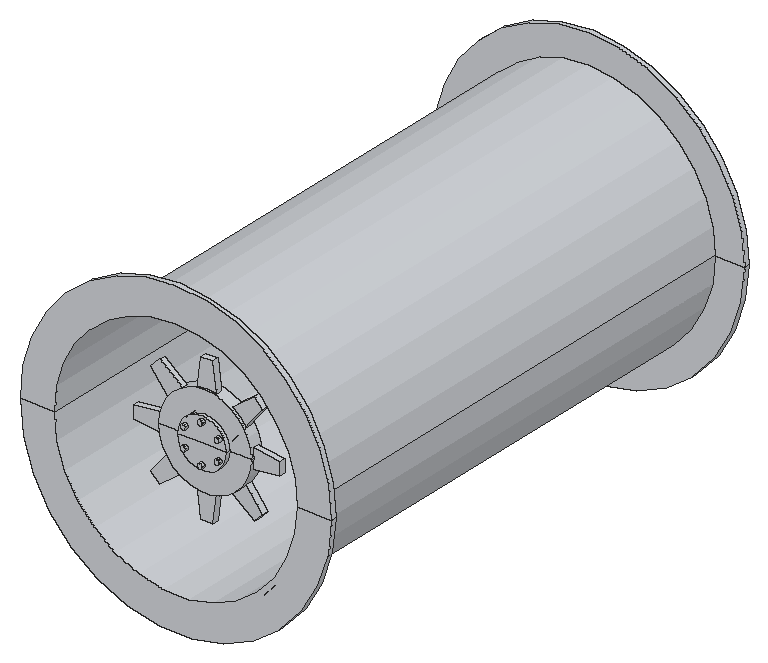
Revit family "CADS_Vent-Axia_MechEquip_Fan_BIFA_250_1Ph4P - EXTRACT", category Mechanical Equipment, Revit 2020
Family settings
  Round Connector Dimension = Use Diameter
  Part Type = Normal
  OmniClass Number = 23.75.00.00
  OmniClass Title = Climate Control (HVAC)
  Work Plane-Based = No
  Always vertical = Yes
  Cut with Voids When Loaded = No
  Shared = No
  Room Calculation Point = No
Parameters (values of type "BIFA251440")
  WorkingPressure = 0.0 Pa
  WarrantyStartDate [instance] = "1900-12-31T23:59:59"
  WarrantyPeriod = ""
  WarrantyIdentifier = "N/A"
  WarrantyGuarantorParts = "tech@vent-axia.com"
  WarrantyGuarantorLabor = "tech@vent-axia.com"
  WarrantyGuarantor = "Vent-Axia Limited"
  WarrantyEndDate [instance] = "1900-12-31T23:59:59"
  WarrantyContent = ""
  TemperatureRange = ""
  TagNumber [instance] = "N/A"
  SustainabilityPerformance = ""
  Status = "New"
  Size = ""
  Shape = ""
  ServiceLifeType = ""
  ServiceLifeDuration = ""
  SerialNumber [instance] = "N/A"
  ReplacementCost = ""
  RatedVoltage = 0 V
  RatedCurrent = 0 A
  Quantity = 1
  ProductionYear = ""
  PressureCurve = ""
  PowerFactor = ""
  PointOfContact = ""
  NumberOfPoles = 0
  NominalWidth = 250 mm
  NominalLength = 535 mm
  NominalHeight = 250 mm
  NominalFrequencyRange = ""
  NominalDiameter = 250 mm
  ModelReference = "BIF 250MM 1PH 4P 40DEG"
  ModelNumber = "BIFA251440"
  Material = ""
  ManufacturerE-Mail = "tech@vent-axia.com"
  ManufacturerAddress = "Fleming Way\nCrawley \nRH10 9YX"
  IsExtendedWarranty = no
  InsulationStandardClass = ""
  InstallationDate [instance] = "1900-12-31T23:59:59"
  IfcExportType [instance] = ""
  IfcExportAs = "IfcFanType"
  IP_Code = ""
  HasProtectiveEarth = no
  GrossWeight = 0.00 kg
  Grade = ""
  GlobalTradeItemNumber [instance] = "N/A"
  Fitting Type = "Ignore"
  Finish = ""
  Features = ""
  ExteriorInsulation = no
  ExpectedServiceLife = 0
  Exclusions = ""
  DurationUnit = "Year"
  Default Elevation = 0 mm
  Constituents = ""
  ConductorFunction = ""
  Color = ""
  CodePerformance = ""
  Category = ""
  CADS_Usage = 0
  CADS_Index = 0
  AssetType = "FIXED"
  AssetIdentifier [instance] = "N/A"
  AssemblyPlace = "UNKNOWN"
  ArticleNumber [instance] = "N/A"
  AirflowRateRange = 0.0 L/s
  Air Flow [instance] = 0.0 L/s
  AccessibilityPerformance = ""
Types (4, lengths in mm): name | ModelReference | ModelNumber
  BIFA251425 | "BIF 250MM 1PH 4P 25DEG" | "BIFA251425"
  BIFA251430 | "BIF 250MM 1PH 4P 30DEG" | "BIFA251430"
  BIFA251435 | "BIF 250MM 1PH 4P 35DEG" | "BIFA251435"
  BIFA251440 | "BIF 250MM 1PH 4P 40DEG" | "BIFA251440"
Reference planes
  plane 1 "Center (Front/Back)": y = 0
  plane 2: z = 0
  plane 3 "Center (Left/Right)": x = 0
  plane 4: x = -125
  plane 5: x = 125
  plane 6 "F": y = -267.5
  plane 7 "B": y = 267.5
  plane 8: x = -160
  plane 9: y = 262.5
  plane 10: y = -262.5
  plane 11: x = -130
  plane 12: y = -227.5
Forms (mm)
  Revolve 1, solid
    sketch origin (0, 0, 0) x (1, 0, 0) y (0, 1, 0)
      loop
        line (-160, -267.5) -> (-125, -267.5) -> (-125, 267.5) -> (-160, 267.5) -> (-160, 262.5) -> (-130, 262.5) -> (-130, -262.5) -> (-160, -262.5) -> (-160, -267.5)
      axis (0, 267.5) -> (0, -267.5)
    angle from 0 to 360
Dimensions and locks
  equal spacing: plane 4, plane 3 "Center (Left/Right)", plane 5
  equal spacing: plane 7 "B", plane 1 "Center (Front/Back)", plane 6 "F"
  "NominalLength": plane 7 "B" to plane 6 "F"
  "NominalDiameter": plane 4 to plane 5
  locked: plane 11 to plane 4 at 5
  locked: plane 8 to plane 11 at 30
  locked: plane 6 "F" to plane 10 at 5
  locked: plane 7 "B" to plane 9 at 5
  locked: plane 6 "F" to plane 12 at 40
  aligned and locked: level to plane 2
  aligned and locked: nested 1 to plane 12
Automatic sketch dimensions
  plane 6 "F" to Revolve 1 sketch curve = 0 mm
  Revolve 1 sketch curve to plane 8 = 0 mm  (x2)
  plane 10 to Revolve 1 sketch curve = 0 mm
  Revolve 1 sketch curve to plane 11 = 0 mm
  Revolve 1 sketch curve to plane 4 = 0 mm
  Revolve 1 sketch curve to plane 3 "Center (Left/Right)" = 0 mm
  plane 1 "Center (Front/Back)" to Revolve 1 sketch curve = 0 mm
  Revolve 1 sketch curve to plane 9 = 0 mm
  Revolve 1 sketch curve to plane 7 "B" = 0 mm
  plane 6 "F" to Revolve 1 sketch curve = 115 mm
Nested families
  nested 1: "Fan for BIFA" at (0, -227.5, 0), ND <- "NominalDiameter", type "Fan for BIFA"
    with hub 25 mm, ND 250 mm, BoltPCD 20 mm, Bolt Count 6, B_Diam 5 mm
  nested 2: "Bolts" at (17.321, -236.672, -10) x (-0.5, 0, -0.866) z (0, 1, 0), type "Bolts"
    with bd 5 mm
  nested 3: "Bolts" at (0, -236.672, -20) x (-1, 0, 0) z (0, 1, 0), type "Bolts"
    with bd 5 mm
  nested 4: "Bolts" at (-17.321, -236.672, -10) x (-0.5, 0, 0.866) z (0, 1, 0), type "Bolts"
    with bd 5 mm
  nested 5: "Bolts" at (-17.321, -236.672, 10) x (0.5, 0, 0.866) z (0, 1, 0), type "Bolts"
    with bd 5 mm
  nested 6: "Bolts" at (17.321, -236.672, 10) x (0.5, 0, -0.866) z (0, 1, 0), type "Bolts"
    with bd 5 mm
  nested 7: "Bolts" at (0, -236.672, 20) x (1, 0, 0) z (0, 1, 0), type "Bolts"
    with bd 5 mm
  nested 8: "BIFA Blade" at (0, -227.5, 12.5), type "BIFA Blade"
    with a 20.00°, HR 12.5 mm, HD 25 mm, BT 12.5 mm, BR 50 mm, BH 40 mm, BD 125 mm, BB 25 mm
  nested 9: "BIFA Blade" at (8.839, -227.5, 8.839) x (0.7071, 0, -0.7071) z (0.7071, 0, 0.7071), type "BIFA Blade"
    with a 20.00°, HR 12.5 mm, HD 25 mm, BT 12.5 mm, BR 50 mm, BH 40 mm, BD 125 mm, BB 25 mm
  nested 10: "BIFA Blade" at (12.5, -227.5, 0) x (0, 0, -1) z (1, 0, 0), type "BIFA Blade"
    with a 20.00°, HR 12.5 mm, HD 25 mm, BT 12.5 mm, BR 50 mm, BH 40 mm, BD 125 mm, BB 25 mm
  nested 11: "BIFA Blade" at (8.839, -227.5, -8.839) x (-0.7071, 0, -0.7071) z (0.7071, 0, -0.7071), type "BIFA Blade"
    with a 20.00°, HR 12.5 mm, HD 25 mm, BT 12.5 mm, BR 50 mm, BH 40 mm, BD 125 mm, BB 25 mm
  nested 12: "BIFA Blade" at (0, -227.5, -12.5) x (-1, 0, 0) z (0, 0, -1), type "BIFA Blade"
    with a 20.00°, HR 12.5 mm, HD 25 mm, BT 12.5 mm, BR 50 mm, BH 40 mm, BD 125 mm, BB 25 mm
  nested 13: "BIFA Blade" at (-8.839, -227.5, 8.839) x (-0.7071, 0, -0.7071) z (-0.7071, 0, 0.7071), type "BIFA Blade"
    with a 20.00°, HR 12.5 mm, HD 25 mm, BT 12.5 mm, BR 50 mm, BH 40 mm, BD 125 mm, BB 25 mm
  nested 14: "BIFA Blade" at (-12.5, -227.5, 0) x (0, 0, -1) z (-1, 0, 0), type "BIFA Blade"
    with a 20.00°, HR 12.5 mm, HD 25 mm, BT 12.5 mm, BR 50 mm, BH 40 mm, BD 125 mm, BB 25 mm
  nested 15: "BIFA Blade" at (-8.839, -227.5, -8.839) x (0.7071, 0, -0.7071) z (-0.7071, 0, -0.7071), type "BIFA Blade"
    with a 20.00°, HR 12.5 mm, HD 25 mm, BT 12.5 mm, BR 50 mm, BH 40 mm, BD 125 mm, BB 25 mm
Connectors
  hvac at (0, -267.5, 0), driven by "NominalDiameter", driven by "Air Flow"
    settings: on Revolve 1, index 1, duct flow 0.0 L/s, flow factor 0, pres drop 0.0 Pa, loss coef 0, conn angle 0.00°, conn width 304.8 mm, conn height 304.8 mm, conn diameter 250 mm, duct sys type 2, conn prof type 0, flow config 0, flow direction 1, loss method 0, conn ref index -1, conn util no, is conn primary yes, conn desc ""
  hvac at (0, 267.5, 0), driven by "NominalDiameter", driven by "Air Flow"
    settings: on Revolve 1, index 2, duct flow 0.0 L/s, flow factor 0, pres drop 0.0 Pa, loss coef 0, conn angle 0.00°, conn width 304.8 mm, conn height 304.8 mm, conn diameter 250 mm, duct sys type 3, conn prof type 0, flow config 1, flow direction 2, loss method 0, conn ref index -1, conn util no, is conn primary no, conn desc ""
Definition of nested family "Fan for BIFA"
  Parameters (values of type "Fan for BIFA")
    hub [instance] = ND / 10  # 50 mm
    ND [instance] = 500 mm
    Model = "."
    Default Elevation = 0 mm
    BoltPCD [instance] = hub - (hub * 0.2)  # 40 mm
    Bolt Count [instance] = if(hub < 50 mm, 6, 8)  # 8
    B_Diam [instance] = if(hub < 50 mm, 5 mm, 10 mm)  # 10 mm
  Reference planes
    plane 1 "Center (Front/Back)": y = 0
    plane 2: z = 0
    plane 3 "Center (Left/Right)": x = 0
    plane 4 "back": y = 20
    plane 5 "bolts": y = -9.172
    plane 6 "B": z = 50
    plane 7: x = -72.587
    plane 8: x = -50
    plane 9 "hubface": y = -6.172
  Forms (mm)
    Revolve 1, solid
      sketch origin (0, 0, 0) x (1, 0, 0) y (0, 1, 0)
        loop
          line (0, 20) -> (-50, 20) -> (-50, 10.504) -> (-72.587, 10.504) -> (-72.587, -2.597) -> (-50, -2.597) -> (-50, -6.172) -> (0, -6.172) -> (0, 20)
        axis (0, 20) -> (0, -6.172)
      angle from 0 to 360
    Extrusion 2, solid, not visible
      sketch origin (0, -6.347, -4) x (-1, 0, 0) y (0, 0, 1)
        loop
          circle (0, 84) r 5
      from 0 to 3
  Lines and regions (mm)
    symbolic lines
      curve 1: circle (0, -9.172, 0) r 40 normal (0, 1, 0)
    model lines, not visible
      curve 2: line (0, -6.347, 85) -> (0, -6.347, 75)
  Dimensions and locks
    "hub": plane 6 "B" to plane 2
    "hub": nested 3 to plane 3 "Center (Left/Right)"
    "hub": nested 4 to plane 3 "Center (Left/Right)"
    "hub": nested 5 to plane 3 "Center (Left/Right)"
    "hub": plane 3 "Center (Left/Right)" to nested 6
    "hub": Revolve 1 sketch curve to Revolve 1 sketch curve
    "hub": plane 3 "Center (Left/Right)" to nested 7
    "hub": plane 3 "Center (Left/Right)" to nested 8
    "hub": plane 3 "Center (Left/Right)" to nested 9
    "hub": plane 8 to plane 3 "Center (Left/Right)"
    plane 7 to plane 8 = 22.587 mm
    diameter of Extrusion 2 sketch curve = 10 mm
    "BoltPCD": radius of curve 1
    "BoltPCD": radius of radial array
    aligned and locked: level to plane 2
    aligned and locked: plane 6 "B" to nested 1
  Automatic sketch dimensions
    Revolve 1 sketch curve to plane 7 = 0 mm
    Revolve 1 sketch curve to plane 8 = 0 mm  (x2)
    Revolve 1 sketch curve to plane 3 "Center (Left/Right)" = 0 mm
    Revolve 1 sketch curve to plane 9 "hubface" = 0 mm
    plane 4 "back" to Revolve 1 sketch curve = 0 mm
    plane 1 "Center (Front/Back)" to Revolve 1 sketch curve = 2.597 mm
    plane 4 "back" to Revolve 1 sketch curve = 9.496 mm
    plane 4 "back" to Revolve 1 sketch curve = 5 mm
    Revolve 1 sketch curve to Revolve 1 sketch curve = 45 mm
    curve 1 to level = 0 mm
    curve 1 to plane 3 "Center (Left/Right)" = 0 mm
  Nested families
    nested 1: "BIFA Blade" at (0, 0, 25), BD <- "ND", HD <- "hub", type "BIFA Blade"
      with a 20.00°, HR 25 mm, HD 50 mm, BT 25 mm, BR 100 mm, BH 40 mm, BD 250 mm, BB 50 mm
    nested 2: "BIFA Blade" at (0, 0, 55), BD <- "ND", HD <- "hub", type "BIFA Blade", not visible
      with a 20.00°, HR 25 mm, HD 50 mm, BT 25 mm, BR 100 mm, BH 40 mm, BD 250 mm, BB 50 mm
    nested 3: "BIFA Blade" at (17.678, 0, 17.678) x (0.7071, 0, -0.7071) z (0.7071, 0, 0.7071), BD <- "ND", HD <- "hub", type "BIFA Blade"
      with a 20.00°, HR 25 mm, HD 50 mm, BT 25 mm, BR 100 mm, BH 40 mm, BD 250 mm, BB 50 mm
    nested 4: "BIFA Blade" at (25, 0, 0) x (0, 0, -1) z (1, 0, 0), BD <- "ND", HD <- "hub", type "BIFA Blade"
      with a 20.00°, HR 25 mm, HD 50 mm, BT 25 mm, BR 100 mm, BH 40 mm, BD 250 mm, BB 50 mm
    nested 5: "BIFA Blade" at (17.678, 0, -17.678) x (-0.7071, 0, -0.7071) z (0.7071, 0, -0.7071), BD <- "ND", HD <- "hub", type "BIFA Blade"
      with a 20.00°, HR 25 mm, HD 50 mm, BT 25 mm, BR 100 mm, BH 40 mm, BD 250 mm, BB 50 mm
    nested 6: "BIFA Blade" at (0, 0, -25) x (-1, 0, 0) z (0, 0, -1), BD <- "ND", HD <- "hub", type "BIFA Blade"
      with a 20.00°, HR 25 mm, HD 50 mm, BT 25 mm, BR 100 mm, BH 40 mm, BD 250 mm, BB 50 mm
    nested 7: "BIFA Blade" at (-17.678, 0, 17.678) x (-0.7071, 0, -0.7071) z (-0.7071, 0, 0.7071), BD <- "ND", HD <- "hub", type "BIFA Blade"
      with a 20.00°, HR 25 mm, HD 50 mm, BT 25 mm, BR 100 mm, BH 40 mm, BD 250 mm, BB 50 mm
    nested 8: "BIFA Blade" at (-25, 0, 0) x (0, 0, -1) z (-1, 0, 0), BD <- "ND", HD <- "hub", type "BIFA Blade"
      with a 20.00°, HR 25 mm, HD 50 mm, BT 25 mm, BR 100 mm, BH 40 mm, BD 250 mm, BB 50 mm
    nested 9: "BIFA Blade" at (-17.678, 0, -17.678) x (0.7071, 0, -0.7071) z (-0.7071, 0, -0.7071), BD <- "ND", HD <- "hub", type "BIFA Blade"
      with a 20.00°, HR 25 mm, HD 50 mm, BT 25 mm, BR 100 mm, BH 40 mm, BD 250 mm, BB 50 mm
    nested 10: "Bolts" at (0, -9.172, 40) x (1, 0, 0) z (0, 1, 0), bd <- "B_Diam", type "Bolts"
      with bd 10 mm
    nested 11: "Bolts" at (28.284, -9.172, 28.284) x (0.7071, 0, -0.7071) z (0, 1, 0), bd <- "B_Diam", type "Bolts"
      with bd 10 mm
    nested 12: "Bolts" at (-28.284, -9.172, 28.284) x (0.7071, 0, 0.7071) z (0, 1, 0), bd <- "B_Diam", type "Bolts"
      with bd 10 mm
    nested 13: "Bolts" at (-40, -9.172, 0) x (0, 0, 1) z (0, 1, 0), bd <- "B_Diam", type "Bolts"
      with bd 10 mm
    nested 14: "Bolts" at (-28.284, -9.172, -28.284) x (-0.7071, 0, 0.7071) z (0, 1, 0), bd <- "B_Diam", type "Bolts"
      with bd 10 mm
    nested 15: "Bolts" at (0, -9.172, -40) x (-1, 0, 0) z (0, 1, 0), bd <- "B_Diam", type "Bolts"
      with bd 10 mm
    nested 16: "Bolts" at (28.284, -9.172, -28.284) x (-0.7071, 0, -0.7071) z (0, 1, 0), bd <- "B_Diam", type "Bolts"
      with bd 10 mm
    nested 17: "Bolts" at (40, -9.172, 0) x (0, 0, -1) z (0, 1, 0), bd <- "B_Diam", type "Bolts"
      with bd 10 mm
  Definition of nested family "BIFA Blade"
    Parameters (values of type "BIFA Blade")
      a [instance] = 20.00°
      HR [instance] = HD / 2  # 30 mm
      HD [instance] = BD / 5  # 60 mm
      Default Elevation = 1219.2 mm
      BT [instance] = BD / 10  # 30 mm
      BR [instance] = (BD / 2) - HR  # 120 mm
      BH [instance] = 40 mm
      BD [instance] = 300 mm
      BB [instance] = BD / 5  # 60 mm
    Reference planes
      plane 1 "Center (Front/Back)": y = 0
      plane 2: z = 0
      plane 3 "Center (Left/Right)": x = 0
      plane 4 "Blade Bot": z = 30
      plane 5: x = -30
      plane 6: x = 30
      plane 7: x = -15
      plane 8: x = 15
    Forms (mm)
      Blend 1, solid
        base sketch origin (0, 0, 30) x (-1, 0, 0) y (0, -1, 0)
          loop
            line (30, 0) -> (-30, 0) -> (-30, -6) -> (30, -6) -> (30, 0)
        top sketch origin (0, 0, 30) x (-1, 0, 0) y (0, -1, 0)
          loop
            line (15, -6) -> (15, 0) -> (-15, 0) -> (-15, -6) -> (15, -6)
        from 0 to 120 <- "BR"
    Dimensions and locks
      "HR": plane 4 "Blade Bot" to level
      equal spacing: plane 8, plane 3 "Center (Left/Right)", plane 7
      "BT": plane 8 to plane 7
      equal spacing: plane 6, plane 3 "Center (Left/Right)", plane 5
      "BB": plane 6 to plane 5
      aligned and locked: level to plane 2
    Automatic sketch dimensions
      plane 1 "Center (Front/Back)" to Blend 1 sketch curve = 0 mm  (x2)
      Blend 1 sketch curve to plane 6 = 0 mm
      Blend 1 sketch curve to plane 5 = 0 mm
      Blend 1 sketch curve to plane 1 "Center (Front/Back)" = 6 mm  (x2)
      Blend 1 sketch curve to plane 8 = 0 mm
      Blend 1 sketch curve to plane 7 = 0 mm
  Definition of nested family "Bolts"
    Parameters
      bd [instance] = 10 mm
      Default Elevation = 1219.2 mm
    Reference planes
      plane 1 "Center (Front/Back)": y = 0
      plane 2: z = 0
      plane 3 "Center (Left/Right)": x = 0
    Forms (mm)
      Extrusion 1, solid
        sketch origin (0, 0, 0) x (1, 0, 0) y (0, 1, 0)
          loop
            line (-1219.2, 1219.2) -> (-1219.2, -1219.2) -> (1219.2, -1219.2) -> (1219.2, 1219.2) -> (-1219.2, 1219.2)
        from 0 to -304.8
      Extrusion 2, solid
        sketch origin (0, 0, 0) x (1, 0, 0) y (0, 1, 0)
          loop
            circle (0, 0) r 5
        from 0 to 3
    Dimensions and locks
      "bd": diameter of Extrusion 2 sketch curve
      aligned and locked: plane 2 to Extrusion 1
      aligned and locked: level to Extrusion 1
    Automatic sketch dimensions
      Extrusion 1 sketch curve to Extrusion 1 sketch curve = 2438.4 mm  (x2)
      plane 1 "Center (Front/Back)" to Extrusion 2 sketch curve = 0 mm
      Extrusion 2 sketch curve to plane 3 "Center (Left/Right)" = 0 mm
Definition of nested family "Bolts"
  Parameters
    bd [instance] = 10 mm
    Default Elevation = 1219.2 mm
  Reference planes
    plane 1 "Center (Front/Back)": y = 0
    plane 2: z = 0
    plane 3 "Center (Left/Right)": x = 0
  Forms (mm)
    Extrusion 1, solid
      sketch origin (0, 0, 0) x (1, 0, 0) y (0, 1, 0)
        loop
          line (-1219.2, 1219.2) -> (-1219.2, -1219.2) -> (1219.2, -1219.2) -> (1219.2, 1219.2) -> (-1219.2, 1219.2)
      from 0 to -304.8
    Extrusion 2, solid
      sketch origin (0, 0, 0) x (1, 0, 0) y (0, 1, 0)
        loop
          circle (0, 0) r 5
      from 0 to 3
  Dimensions and locks
    "bd": diameter of Extrusion 2 sketch curve
    aligned and locked: plane 2 to Extrusion 1
    aligned and locked: level to Extrusion 1
  Automatic sketch dimensions
    Extrusion 1 sketch curve to Extrusion 1 sketch curve = 2438.4 mm  (x2)
    plane 1 "Center (Front/Back)" to Extrusion 2 sketch curve = 0 mm
    Extrusion 2 sketch curve to plane 3 "Center (Left/Right)" = 0 mm
Definition of nested family "BIFA Blade"
  Parameters (values of type "BIFA Blade")
    a [instance] = 20.00°
    HR [instance] = HD / 2  # 30 mm
    HD [instance] = BD / 5  # 60 mm
    Default Elevation = 1219.2 mm
    BT [instance] = BD / 10  # 30 mm
    BR [instance] = (BD / 2) - HR  # 120 mm
    BH [instance] = 40 mm
    BD [instance] = 300 mm
    BB [instance] = BD / 5  # 60 mm
  Reference planes
    plane 1 "Center (Front/Back)": y = 0
    plane 2: z = 0
    plane 3 "Center (Left/Right)": x = 0
    plane 4 "Blade Bot": z = 30
    plane 5: x = -30
    plane 6: x = 30
    plane 7: x = -15
    plane 8: x = 15
  Forms (mm)
    Blend 1, solid
      base sketch origin (0, 0, 30) x (-1, 0, 0) y (0, -1, 0)
        loop
          line (30, 0) -> (-30, 0) -> (-30, -6) -> (30, -6) -> (30, 0)
      top sketch origin (0, 0, 30) x (-1, 0, 0) y (0, -1, 0)
        loop
          line (15, -6) -> (15, 0) -> (-15, 0) -> (-15, -6) -> (15, -6)
      from 0 to 120 <- "BR"
  Dimensions and locks
    "HR": plane 4 "Blade Bot" to level
    equal spacing: plane 8, plane 3 "Center (Left/Right)", plane 7
    "BT": plane 8 to plane 7
    equal spacing: plane 6, plane 3 "Center (Left/Right)", plane 5
    "BB": plane 6 to plane 5
    aligned and locked: level to plane 2
  Automatic sketch dimensions
    plane 1 "Center (Front/Back)" to Blend 1 sketch curve = 0 mm  (x2)
    Blend 1 sketch curve to plane 6 = 0 mm
    Blend 1 sketch curve to plane 5 = 0 mm
    Blend 1 sketch curve to plane 1 "Center (Front/Back)" = 6 mm  (x2)
    Blend 1 sketch curve to plane 8 = 0 mm
    Blend 1 sketch curve to plane 7 = 0 mm
